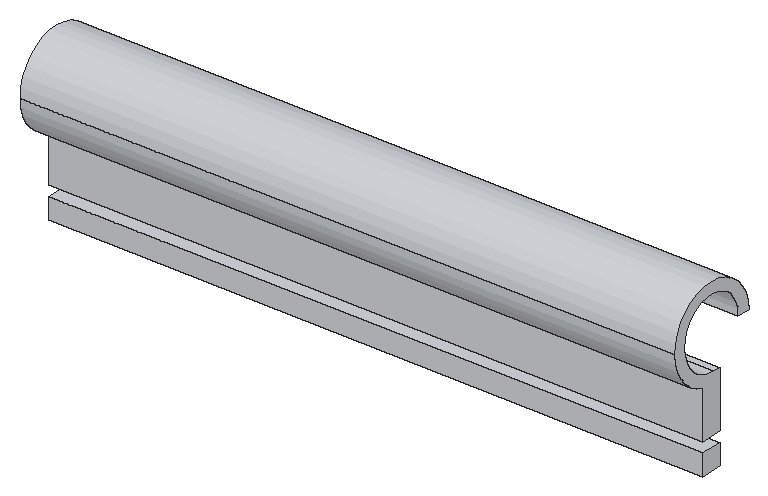
Revit family "Unknown Framing", category Structural Framing, Revit 2020
Family settings
  Section Shape = Not Defined
  Material for Model Behavior = Other
  Always export as geometry = No
  OmniClass Number = 23.25.30.11.14.14
  OmniClass Title = Beams
  Always vertical = Yes
  Cut with Voids When Loaded = No
  Symbolic Representation = From Family
  Shared = No
  Show family pre-cut in plan views = Yes
Parameters (values of type "Unknown Framing")
  Length [instance] = 3000 mm
Reference planes
  plane 1 "Center (Front/Back)": y = 0
  plane 2 "Center Elevation": z = 0
  plane 3 "Center (Left/Right)": x = 0
  plane 4 "Left": x = -1500
  plane 5 "Member Left": x = -1250
  plane 6 "Stick Symbol Left": x = -1000
  plane 7 "Right": x = 1500
  plane 8 "Member Right": x = 1250
  plane 9 "Stick Symbol Right": x = 1000
  plane 10: y = 175
  plane 11: y = -175
  plane 12: z = 325
  plane 13: z = -325
Forms (mm)
  Extrusion 1, solid, detail levels medium+fine
    sketch origin (0, 0, 0) x (0, 1, 0) y (0, 0, 1)
      loop
        arc (175, 150) -> (0, 325) -> (-175, 150) r 175
        arc (-175, 150) -> (-137.159, 41.315) -> (-40, -20.367) r 175
        line (-40, -20.367) -> (-40, -205) -> (40, -205) -> (40, 13.489) -> (9.285, 13.489)
        arc (9.285, 13.489) -> (-89.92, 54.581) -> (-131.012, 153.786) r 140.297
        arc (-131.012, 153.786) -> (0, 282.891) -> (127.17, 150) r 129.119
        line (127.17, 150) -> (175, 150)
      loop
        line (40, -325) -> (40, -245) -> (-40, -245) -> (-40, -325) -> (40, -325)
    from -1250 to 1250
Lines and regions (mm)
  model lines, style "Stick Symbols", detail levels coarse
    curve 1: line (-1000, 0, 0) -> (1000, 0, 0)
Dimensions and locks
  equal spacing: plane 4 "Left", plane 3 "Center (Left/Right)", plane 7 "Right"
  "Length": plane 4 "Left" to plane 7 "Right"
  aligned and locked: plane 5 "Member Left" to Extrusion 1
  aligned and locked: Extrusion 1 to plane 8 "Member Right"
  aligned and locked: plane 1 "Center (Front/Back)" to curve 1
  aligned and locked: plane 6 "Stick Symbol Left" to curve 1
  aligned and locked: plane 9 "Stick Symbol Right" to curve 1
  aligned and locked: level to plane 2 "Center Elevation"
Automatic sketch dimensions
  Extrusion 1 sketch curve to plane 11 = 0 mm
  plane 13 to Extrusion 1 sketch curve = 0 mm
  plane 1 "Center (Front/Back)" to Extrusion 1 sketch curve = 40 mm  (x2)
  plane 1 "Center (Front/Back)" to Extrusion 1 sketch curve = 1.893 mm
  Extrusion 1 sketch curve to plane 1 "Center (Front/Back)" = 9.285 mm
  Extrusion 1 sketch curve to plane 1 "Center (Front/Back)" = 40 mm
  Extrusion 1 sketch curve to Extrusion 1 sketch curve = 0 mm  (x2)
  Extrusion 1 sketch curve to plane 10 = 47.83 mm
  Extrusion 1 sketch curve to Extrusion 1 sketch curve = 80 mm
  Extrusion 1 sketch curve to Extrusion 1 sketch curve = 40 mm
  Extrusion 1 sketch curve to level = 20.367 mm
  level to Extrusion 1 sketch curve = 13.489 mm
  Extrusion 1 sketch curve to Extrusion 1 sketch curve = 3.786 mm
  Extrusion 1 sketch curve to plane 1 "Center (Front/Back)" = 0 mm
